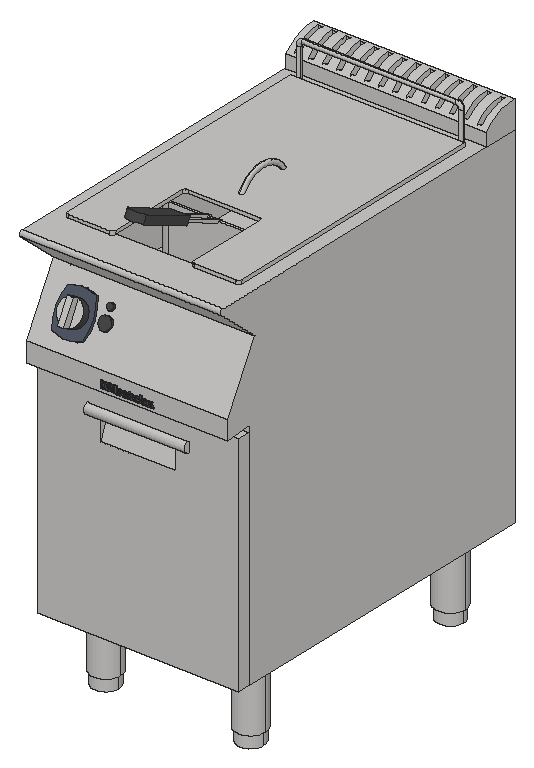
Revit family "QF_ELECTROLUXPROFESSIONAL_371068_E7FRGD1BF0", category Specialty Equipment, Revit 2018 (continued)
Automatic sketch dimensions
  Extrusion 39 sketch curve to Extrusion 39 sketch curve = 0.728 mm
  Extrusion 39 sketch curve to Extrusion 39 sketch curve = 3.375 mm  (x2)
  Extrusion 39 sketch curve to Extrusion 39 sketch curve = 1.905 mm
  Extrusion 39 sketch curve to Extrusion 39 sketch curve = 0.955 mm
  Extrusion 39 sketch curve to Extrusion 39 sketch curve = 1.251 mm
  Extrusion 39 sketch curve to Extrusion 39 sketch curve = 0.572 mm
  Extrusion 39 sketch curve to Extrusion 39 sketch curve = 1.92 mm
  Extrusion 39 sketch curve to Extrusion 39 sketch curve = 1.224 mm
  Extrusion 39 sketch curve to Extrusion 39 sketch curve = 0.745 mm
  Extrusion 39 sketch curve to Extrusion 39 sketch curve = 2.537 mm
  Extrusion 39 sketch curve to Extrusion 39 sketch curve = 0.896 mm  (x3)
  Extrusion 39 sketch curve to Extrusion 39 sketch curve = 0.036 mm
  Extrusion 39 sketch curve to Extrusion 39 sketch curve = 2.607 mm
  Extrusion 39 sketch curve to Extrusion 39 sketch curve = 0.066 mm
  Extrusion 39 sketch curve to Extrusion 39 sketch curve = 0.248 mm
  Extrusion 39 sketch curve to Extrusion 39 sketch curve = 0.449 mm
  Extrusion 39 sketch curve to Extrusion 39 sketch curve = 1.052 mm
  Extrusion 39 sketch curve to Extrusion 39 sketch curve = 1.863 mm
  Extrusion 39 sketch curve to Extrusion 39 sketch curve = 1.31 mm  (x2)
  Extrusion 39 sketch curve to Extrusion 39 sketch curve = 0.901 mm
  Extrusion 39 sketch curve to Extrusion 39 sketch curve = 1.107 mm
  Extrusion 39 sketch curve to Extrusion 39 sketch curve = 2.122 mm
  Extrusion 39 sketch curve to Extrusion 39 sketch curve = 2.101 mm
  Extrusion 39 sketch curve to Extrusion 39 sketch curve = 0.106 mm
  Extrusion 39 sketch curve to Extrusion 39 sketch curve = 0.029 mm
  Extrusion 39 sketch curve to Extrusion 39 sketch curve = 2.09 mm
  Extrusion 39 sketch curve to Extrusion 39 sketch curve = 1.279 mm
  Extrusion 39 sketch curve to Extrusion 39 sketch curve = 2.008 mm
  Extrusion 39 sketch curve to Extrusion 39 sketch curve = 0.738 mm
  Extrusion 39 sketch curve to Extrusion 39 sketch curve = 0.382 mm
  Extrusion 39 sketch curve to Extrusion 39 sketch curve = 0.384 mm
  Extrusion 39 sketch curve to Extrusion 39 sketch curve = 0.002 mm
  Extrusion 39 sketch curve to Extrusion 39 sketch curve = 0.561 mm
  Extrusion 39 sketch curve to Extrusion 39 sketch curve = 0.592 mm
  Extrusion 39 sketch curve to Extrusion 39 sketch curve = 2.692 mm
  Extrusion 39 sketch curve to Extrusion 39 sketch curve = 1.259 mm
  Extrusion 39 sketch curve to Extrusion 39 sketch curve = 0.802 mm
  Extrusion 39 sketch curve to Extrusion 39 sketch curve = 1.024 mm  (x2)
  Extrusion 39 sketch curve to Extrusion 39 sketch curve = 0.682 mm
  Extrusion 39 sketch curve to Extrusion 39 sketch curve = 5.934 mm
  Extrusion 39 sketch curve to Extrusion 39 sketch curve = 2.186 mm
  Extrusion 39 sketch curve to Extrusion 39 sketch curve = 0.337 mm
  Extrusion 39 sketch curve to Extrusion 39 sketch curve = 0.021 mm
  Extrusion 39 sketch curve to Extrusion 39 sketch curve = 1.005 mm
  Extrusion 39 sketch curve to Extrusion 39 sketch curve = 0.552 mm
  Extrusion 39 sketch curve to Extrusion 39 sketch curve = 0.778 mm
  Extrusion 39 sketch curve to Extrusion 39 sketch curve = 0.063 mm
  Extrusion 39 sketch curve to Extrusion 39 sketch curve = 1.023 mm
  Extrusion 39 sketch curve to Extrusion 39 sketch curve = 3.804 mm
  Extrusion 39 sketch curve to Extrusion 39 sketch curve = 0.486 mm
  Extrusion 39 sketch curve to Extrusion 39 sketch curve = 0.266 mm  (x2)
  Extrusion 39 sketch curve to Extrusion 39 sketch curve = 1.547 mm
  Extrusion 39 sketch curve to Extrusion 39 sketch curve = 0.717 mm  (x2)
  Extrusion 39 sketch curve to Extrusion 39 sketch curve = 1.667 mm
  Extrusion 39 sketch curve to Extrusion 39 sketch curve = 3.174 mm
  Extrusion 39 sketch curve to plane 7 "Center Y" = 0.741 mm
  Extrusion 39 sketch curve to Extrusion 39 sketch curve = 0.388 mm
  Extrusion 39 sketch curve to Extrusion 39 sketch curve = 1.342 mm
  Extrusion 39 sketch curve to Extrusion 39 sketch curve = 1.521 mm
  Extrusion 39 sketch curve to Extrusion 39 sketch curve = 0.124 mm
  Extrusion 39 sketch curve to Extrusion 39 sketch curve = 0.291 mm
  plane 7 "Center Y" to Extrusion 39 sketch curve = 6.176 mm
  Extrusion 39 sketch curve to Extrusion 39 sketch curve = 1.049 mm  (x2)
  Extrusion 39 sketch curve to Extrusion 39 sketch curve = 1.7 mm
  Extrusion 39 sketch curve to Extrusion 39 sketch curve = 0.894 mm
  Extrusion 39 sketch curve to Extrusion 39 sketch curve = 0.989 mm
  Extrusion 39 sketch curve to Extrusion 39 sketch curve = 1.168 mm
  Extrusion 39 sketch curve to Extrusion 39 sketch curve = 1.594 mm
  Extrusion 39 sketch curve to Extrusion 39 sketch curve = 0.731 mm
  Extrusion 39 sketch curve to Extrusion 39 sketch curve = 1.566 mm
  Extrusion 39 sketch curve to Extrusion 39 sketch curve = 0.064 mm
  plane 7 "Center Y" to Extrusion 39 sketch curve = 6.733 mm
  Extrusion 39 sketch curve to Extrusion 39 sketch curve = 0.556 mm  (x2)
  Extrusion 39 sketch curve to Extrusion 39 sketch curve = 0.48 mm
  Extrusion 39 sketch curve to Extrusion 39 sketch curve = 1.018 mm
  Extrusion 39 sketch curve to Extrusion 39 sketch curve = 0.787 mm
  Extrusion 39 sketch curve to Extrusion 39 sketch curve = 0.618 mm
  Extrusion 39 sketch curve to Extrusion 39 sketch curve = 1.672 mm
  Extrusion 39 sketch curve to Extrusion 39 sketch curve = 1.361 mm
  Extrusion 39 sketch curve to Extrusion 39 sketch curve = 0.822 mm
  Extrusion 39 sketch curve to Extrusion 39 sketch curve = 0.069 mm
  Extrusion 39 sketch curve to Extrusion 39 sketch curve = 1.88 mm
  Extrusion 39 sketch curve to Extrusion 39 sketch curve = 0.42 mm
  Extrusion 39 sketch curve to Extrusion 39 sketch curve = 0.062 mm
  Extrusion 39 sketch curve to Extrusion 39 sketch curve = 1.355 mm
  Extrusion 39 sketch curve to Extrusion 39 sketch curve = 2.34 mm
  Extrusion 39 sketch curve to Extrusion 39 sketch curve = 0.493 mm
  Extrusion 39 sketch curve to Extrusion 39 sketch curve = 0.136 mm
  Extrusion 39 sketch curve to Extrusion 39 sketch curve = 0.128 mm
  Extrusion 39 sketch curve to Extrusion 39 sketch curve = 3.616 mm
  Extrusion 39 sketch curve to Extrusion 39 sketch curve = 4.207 mm
  Extrusion 39 sketch curve to Extrusion 39 sketch curve = 0.183 mm
  Extrusion 39 sketch curve to Extrusion 39 sketch curve = 0.895 mm
  Extrusion 39 sketch curve to Extrusion 39 sketch curve = 1.314 mm
  Extrusion 39 sketch curve to Extrusion 39 sketch curve = 3.231 mm
  Extrusion 39 sketch curve to Extrusion 39 sketch curve = 1.299 mm
  Extrusion 39 sketch curve to Extrusion 39 sketch curve = 1.214 mm
  Extrusion 39 sketch curve to Extrusion 39 sketch curve = 1.264 mm
  Extrusion 39 sketch curve to Extrusion 39 sketch curve = 0.109 mm
  Extrusion 39 sketch curve to Extrusion 39 sketch curve = 0.357 mm
  Extrusion 39 sketch curve to Extrusion 39 sketch curve = 0.565 mm
  Extrusion 39 sketch curve to Extrusion 39 sketch curve = 2.504 mm
  Extrusion 39 sketch curve to Extrusion 39 sketch curve = 2.459 mm
  Extrusion 39 sketch curve to Extrusion 39 sketch curve = 1.322 mm
  Extrusion 39 sketch curve to Extrusion 39 sketch curve = 2.77 mm
  Extrusion 39 sketch curve to Extrusion 39 sketch curve = 2.51 mm
  Extrusion 39 sketch curve to Extrusion 39 sketch curve = 0.187 mm
  Extrusion 39 sketch curve to Extrusion 39 sketch curve = 2.559 mm
  Extrusion 39 sketch curve to Extrusion 39 sketch curve = 1.556 mm
  Extrusion 39 sketch curve to Extrusion 39 sketch curve = 0.222 mm
  Extrusion 39 sketch curve to Extrusion 39 sketch curve = 1.383 mm
  Extrusion 39 sketch curve to Extrusion 39 sketch curve = 3.114 mm
  Extrusion 39 sketch curve to Extrusion 39 sketch curve = 3.376 mm
  Extrusion 39 sketch curve to Extrusion 39 sketch curve = 0.934 mm
  Extrusion 39 sketch curve to Extrusion 39 sketch curve = 0.191 mm
  Extrusion 39 sketch curve to Extrusion 39 sketch curve = 3.696 mm
  Extrusion 39 sketch curve to Extrusion 39 sketch curve = 2.708 mm
  Extrusion 39 sketch curve to Extrusion 39 sketch curve = 3.333 mm
  Extrusion 39 sketch curve to Extrusion 39 sketch curve = 0.332 mm
  Extrusion 39 sketch curve to Extrusion 39 sketch curve = 1.087 mm
  Extrusion 39 sketch curve to Extrusion 39 sketch curve = 2.23 mm
  Extrusion 39 sketch curve to Extrusion 39 sketch curve = 2.757 mm
  Extrusion 39 sketch curve to Extrusion 39 sketch curve = 0.987 mm
  Extrusion 39 sketch curve to Extrusion 39 sketch curve = 1.529 mm
  Extrusion 39 sketch curve to Extrusion 39 sketch curve = 1.796 mm
  Extrusion 39 sketch curve to Extrusion 39 sketch curve = 2.859 mm
  Extrusion 39 sketch curve to Extrusion 39 sketch curve = 0.853 mm
  Extrusion 39 sketch curve to Extrusion 39 sketch curve = 1.241 mm
  Extrusion 39 sketch curve to Extrusion 39 sketch curve = 2.046 mm  (x2)
  Extrusion 39 sketch curve to Extrusion 39 sketch curve = 2.422 mm
  Extrusion 39 sketch curve to Extrusion 39 sketch curve = 0.27 mm  (x2)
  Extrusion 39 sketch curve to Extrusion 39 sketch curve = 0.69 mm
  Extrusion 39 sketch curve to Extrusion 39 sketch curve = 0.781 mm  (x2)
  Extrusion 39 sketch curve to Extrusion 39 sketch curve = 3.136 mm
  Extrusion 39 sketch curve to Extrusion 39 sketch curve = 1.767 mm
  Extrusion 39 sketch curve to Extrusion 39 sketch curve = 0.138 mm
  Extrusion 39 sketch curve to Extrusion 39 sketch curve = 0.777 mm
  Extrusion 39 sketch curve to Extrusion 39 sketch curve = 1.19 mm
  Extrusion 39 sketch curve to Extrusion 39 sketch curve = 0.782 mm
  Extrusion 39 sketch curve to Extrusion 39 sketch curve = 1.268 mm
  Extrusion 39 sketch curve to Extrusion 39 sketch curve = 0.422 mm  (x2)
  Extrusion 39 sketch curve to Extrusion 39 sketch curve = 1.559 mm
  Extrusion 39 sketch curve to Extrusion 39 sketch curve = 3.927 mm
  Extrusion 39 sketch curve to Extrusion 39 sketch curve = 0.983 mm
  Extrusion 39 sketch curve to Extrusion 39 sketch curve = 1.134 mm
  Extrusion 39 sketch curve to Extrusion 39 sketch curve = 0.094 mm
  Extrusion 39 sketch curve to Extrusion 39 sketch curve = 1.584 mm
  Extrusion 39 sketch curve to Extrusion 39 sketch curve = 0.643 mm
  Extrusion 39 sketch curve to Extrusion 39 sketch curve = 0.916 mm
  Extrusion 39 sketch curve to Extrusion 39 sketch curve = 0.352 mm
  Extrusion 39 sketch curve to Extrusion 39 sketch curve = 0.458 mm
  Extrusion 39 sketch curve to Extrusion 39 sketch curve = 1.282 mm
  Extrusion 39 sketch curve to Extrusion 39 sketch curve = 1.363 mm
  Extrusion 39 sketch curve to Extrusion 39 sketch curve = 0.685 mm
  Extrusion 39 sketch curve to Extrusion 39 sketch curve = 0.905 mm
  Extrusion 39 sketch curve to Extrusion 39 sketch curve = 2.865 mm
  Extrusion 39 sketch curve to Extrusion 39 sketch curve = 0.472 mm
  Extrusion 39 sketch curve to Extrusion 39 sketch curve = 0.101 mm
  Extrusion 39 sketch curve to Extrusion 39 sketch curve = 0.54 mm
  Extrusion 39 sketch curve to Extrusion 39 sketch curve = 0.02 mm
  Extrusion 39 sketch curve to Extrusion 39 sketch curve = 0.468 mm
  Extrusion 39 sketch curve to Extrusion 39 sketch curve = 0.829 mm
  Extrusion 39 sketch curve to Extrusion 39 sketch curve = 0.582 mm
  Extrusion 39 sketch curve to Extrusion 39 sketch curve = 0.166 mm
  Extrusion 39 sketch curve to Extrusion 39 sketch curve = 0.16 mm
  Extrusion 39 sketch curve to Extrusion 39 sketch curve = 2.781 mm
  Extrusion 39 sketch curve to Extrusion 39 sketch curve = 1.118 mm
  Extrusion 39 sketch curve to Extrusion 39 sketch curve = 0.613 mm
  Extrusion 39 sketch curve to Extrusion 39 sketch curve = 0.361 mm
  Extrusion 39 sketch curve to Extrusion 39 sketch curve = 0.897 mm
  Extrusion 39 sketch curve to Extrusion 39 sketch curve = 0.167 mm
  Extrusion 39 sketch curve to Extrusion 39 sketch curve = 0.292 mm
  Extrusion 39 sketch curve to Extrusion 39 sketch curve = 0.305 mm
  Extrusion 39 sketch curve to Extrusion 39 sketch curve = 1.557 mm
  Extrusion 39 sketch curve to Extrusion 39 sketch curve = 2.499 mm
  Extrusion 39 sketch curve to Extrusion 39 sketch curve = 3.062 mm
  Extrusion 39 sketch curve to Extrusion 39 sketch curve = 2.968 mm
  Extrusion 39 sketch curve to Extrusion 39 sketch curve = 5.044 mm
  Extrusion 39 sketch curve to Extrusion 39 sketch curve = 0.629 mm  (x2)
  Extrusion 39 sketch curve to Extrusion 39 sketch curve = 1.131 mm
  Extrusion 39 sketch curve to Extrusion 39 sketch curve = 0.027 mm
  Extrusion 39 sketch curve to Extrusion 39 sketch curve = 2.235 mm
  radius of Sweep 5 sketch curve = 4.353 mm
  radius of Sweep 6 sketch curve = 3.827 mm
  radius of Extrusion 22 sketch curve = 25.4 mm
  radius of Extrusion 23 sketch curve to Extrusion 22 = 0 mm  (x2)
  radius of Extrusion 24 sketch curve = 6.35 mm
  radius of Extrusion 25 sketch curve = 12.7 mm
  radius of Extrusion 38 sketch curve = 6.35 mm
Connectors
  piping at (348, -505, 137.3), diameter 12.8
    settings: on Extrusion 38, index 1, connector inside diameter 0.50394", connector length 0 mm, flow factor 0, pipe flow 0 GPM, pressure drop 0.00 psi, fitting loss kfactor 0, connector angle 0.00°, fixture units 0, engagement length 0 mm, angle of deflection 0.00°, flow configuration 1, flow direction 1, fitting loss method 0, system type 7, joint type 0, gender type 0, connector reference index -1, connector utility 0, adjustable connector no, is connector primary yes, connector description "Gas Inlet"
